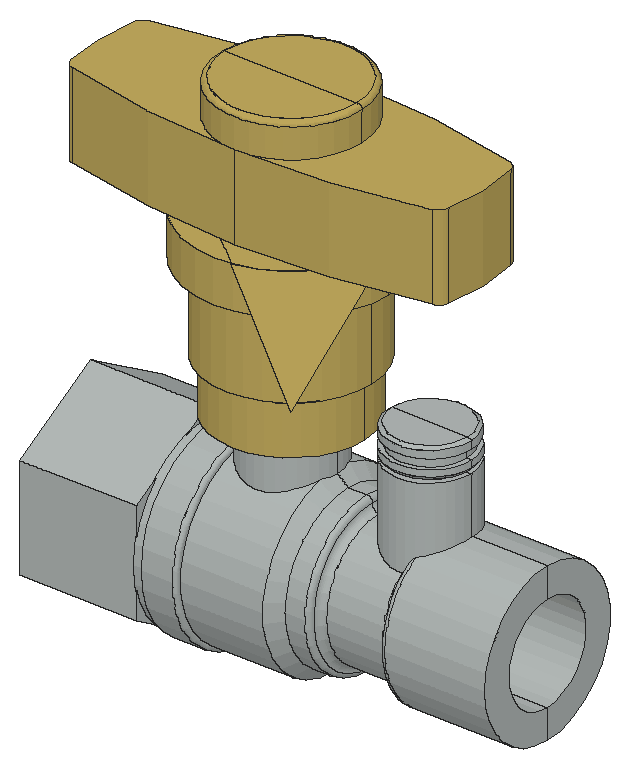
Revit family "QP01520000", category Apparecchi idraulici, Revit 2020
Family settings
  Quota connettore circolare = Usa diametro
  Tipo di parte = Normale
  Numero OmniClass = 23.45.00.00
  Titolo OmniClass = Sanitary, Laundry, and Cleaning Equipment
  Basato su piano di lavoro = No
  Sempre verticale = Sì
  Taglio con vuoti quando caricato = No
  Condiviso = No
  Punto di calcolo locali = No
Parameters
  URL = "https://web.cimberio.com/index.php/figura/920?subcategoria_id=95351"
  Temperatura di esercizio = "-20 ÷ 60°C"
  Prospetto di default = 0 mm
  Produttore = "CIMBERIO SPA"
  Pressione nominale = "MOP 5"
  Modello = "Cim 120GLD"
  Materiale = "Prodotto in lega di ottone conforme alla norma EN 12165-CW617N-DW"
  Descrizione = "Utilizzato nell’impiantistica distributiva di gas a bassa pressione per le categorie:\r\nGas naturali: gas derivati dal petrolio (Metano) e gas di ricambio.\r\nGas di città: prodotti secondo i diversi procedimenti (Cracking - Cokerie - ecc.).\r\nGas liquidi: propano e miscele di gas propano/butano"
  DN Model [instance] = QP01522129 : QP01522129
  DN [instance] = 20 mm
  Commenti sul tipo = "Realizzato in ottemperanza ai requisiti gestionali della norma EN ISO 9001.\r\nCollaudato al 100% secondo la normativa EN 12266-1"
Reference planes
  plane 1 "Centro (Fronte/Retro)": y = 0
  plane 2: z = 0
  plane 3 "Centro (Sinistra/Destra)": x = 0
Dimensions and locks
  aligned and locked: level to plane 2
Nested families
  nested 1: "QP01522129" at (0, 0, 0), type <- "DN Model", type "QP01522129"
  nested 2: "QP01522129" at (0, 0, 0), type <- "DN Model", type "QP01522129"
Connectors
  piping at (52.499, 0, 0), diameter 20, driven by "DN"
    settings: on nested 1, index 1, connector inside diameter 609.6 mm, connector length 0 mm, flow factor 0, pipe flow 0.0 L/s, pressure drop 0.0 Pa, fitting loss kfactor 0, connector angle 0.00°, fixture units 0, engagement length 0 mm, angle of deflection 0.00°, flow configuration 0, flow direction 0, fitting loss method 0, system type 7, joint type 0, gender type 0, connector reference index -1, connector utility 0, adjustable connector no, is connector primary yes, connector description ""
  piping at (-41, 0, 0), diameter 20, driven by "DN"
    settings: on nested 1, index 2, connector inside diameter 609.6 mm, connector length 0 mm, flow factor 0, pipe flow 0.0 L/s, pressure drop 0.0 Pa, fitting loss kfactor 0, connector angle 0.00°, fixture units 0, engagement length 0 mm, angle of deflection 0.00°, flow configuration 0, flow direction 0, fitting loss method 0, system type 7, joint type 0, gender type 0, connector reference index -1, connector utility 0, adjustable connector no, is connector primary no, connector description ""
Definition of nested family "QP01522129"
  Parameters (values of type "QP01522129")
    URL = ""
    Default Elevation = 0 mm
    Manufacturer = ""
    Model = ""
    Description = ""
    Type Comments = ""
  Reference planes
    plane 1 "Centro (Fronte/Retro)": y = 0
    plane 2: z = 0
    plane 3 "Centro (Sinistra/Destra)": x = 0
  Forms (mm)
    Revolve 1, solid
      sketch origin (0, 0, 0) x (1, 0, 0) y (0, 0, 1)
        loop
          line (-17.1, -10) -> (-17.1, -19) -> (-15.1, -19) -> (-15.1, -10) -> (-17.1, -10)
        axis (-17.1, 0) -> (-15.1, 0)
      angle from 0 to 360
    Revolve 2, solid
      sketch origin (0, 0, 0) x (1, 0, 0) y (0, 0, 1)
        loop
          line (-15.1, -10) -> (-15.1, -19.5) -> (-8.8, -19.5)
          arc (-8.8, -19.5) -> (-8.16, -19.192) -> (-8, -18.5) r 0.82
          line (-8, -18.5) -> (9, -18.5) -> (11.5, -16) -> (15.5, -16)
          arc (15.5, -16) -> (16.207, -15.707) -> (16.5, -15) r 1
          arc (16.5, -15) -> (16.939, -13.939) -> (18, -13.5) r 1.5
          line (18, -13.5) -> (29.5, -13.5)
          arc (29.5, -13.5) -> (30.561, -13.939) -> (31, -15) r 1.5
          arc (31, -15) -> (31.293, -15.707) -> (32, -16) r 1
          line (32, -16) -> (52.499, -16) -> (52.499, -10) -> (-15.1, -10)
        axis (-15.1, 0) -> (52.499, 0)
      angle from 0 to 360
    Extrusion 3, solid
      sketch origin (0, 0, 0) x (0, 1, 0) y (0, 0, 1)
        loop
          circle (0, 0) r 10
        loop
          line (0, 21) -> (-18.187, 10.5) -> (-18.187, -10.5) -> (0, -21) -> (18.187, -10.5) -> (18.187, 10.5) -> (0, 21)
      from -41 to -17.1
    Revolve 4, solid
      sketch origin (0, 0, 0) x (1, 0, 0) y (0, 0, 1)
        loop
          line (28.5, 27.5) -> (20, 27.5) -> (20, 8.978) -> (28.5, 8.978) -> (28.5, 27.5)
        axis (28.5, 27.5) -> (28.5, 8.978)
      angle from 0 to 360
    Revolve 5, solid
      sketch origin (0, 0, 0) x (1, 0, 0) y (0, 0, 1)
        loop
          line (28.5, 27.5) -> (28.5, 34) -> (20.793, 34) -> (20.079, 33.5) -> (20.079, 31.999) -> (21, 31.999) -> (21, 30.011) -> (20.006, 30.011) -> (20.006, 28.632) -> (20.5, 28) -> (22.2, 28)
          arc (22.2, 28) -> (21.728, 27.865) -> (21.4, 27.5) r 0.89
          line (21.4, 27.5) -> (28.5, 27.5)
        axis (28.5, 34) -> (28.5, 27.5)
      angle from 0 to 360
    Revolve 6, solid
      sketch origin (0, 0, 0) x (1, 0, 0) y (0, 0, 1)
        loop
          line (10, 24.4) -> (10, 33.3) -> (0.12, 33.3) -> (0.12, 15.691) -> (9.5, 15.691) -> (9.5, 23.425)
          arc (9.5, 23.425) -> (9.868, 23.852) -> (10, 24.4) r 1.2
        axis (0.12, 33.3) -> (0.12, 15.691)
      angle from 0 to 360
    Revolve 7, solid
      sketch origin (0, 0, 0) x (1, 0, 0) y (0, 0, 1)
        loop
          line (-0.003, 62.92) -> (-19.924, 62.92) -> (-19.924, 54.3) -> (-16.5, 54.3) -> (-16.5, 36.766) -> (-15, 35.9) -> (-15, 25.9) -> (-0.003, 25.9) -> (-0.003, 62.92)
        axis (0, 62.92) -> (0, 25.9)
      angle from 0 to 360
    Extrusion 8, solid
      sketch origin (0, 0, 0) x (1, 0, 0) y (0, 1, 0)
        loop
          arc (-36.859, 9.89) -> (-38.05, 9.194) -> (-38.691, 7.972) r 2.5
          arc (-38.691, 7.972) -> (-39.503, 0.004) -> (-38.691, -7.963) r 39.5
          arc (-38.691, -7.963) -> (-38.05, -9.185) -> (-36.859, -9.881) r 2.5
          arc (-36.859, -9.881) -> (-18.575, -13.338) -> (-0.003, -14.496) r 149.5
          arc (-0.003, -14.496) -> (18.569, -13.338) -> (36.853, -9.881) r 149.5
          arc (36.853, -9.881) -> (38.045, -9.185) -> (38.685, -7.963) r 2.5
          arc (38.685, -7.963) -> (39.497, 0.004) -> (38.685, 7.972) r 39.5
          arc (38.685, 7.972) -> (38.045, 9.194) -> (36.853, 9.89) r 2.5
          arc (36.853, 9.89) -> (18.569, 13.346) -> (-0.003, 14.504) r 149.5
          arc (-0.003, 14.504) -> (-18.575, 13.346) -> (-36.859, 9.89) r 149.5
      from 62.92 to 80.3
    Revolve 9, solid
      sketch origin (0, 0, 0) x (1, 0, 0) y (0, 0, 1)
        loop
          arc (-13.5, 87.3) -> (-14.207, 87.007) -> (-14.5, 86.3) r 1
          line (-14.5, 86.3) -> (-14.5, 80.3) -> (0, 80.3) -> (0, 87.3) -> (-13.5, 87.3)
        axis (0, 87.3) -> (0, 80.3)
      angle from 0 to 360
  Dimensions and locks
    aligned and locked: level to plane 2
